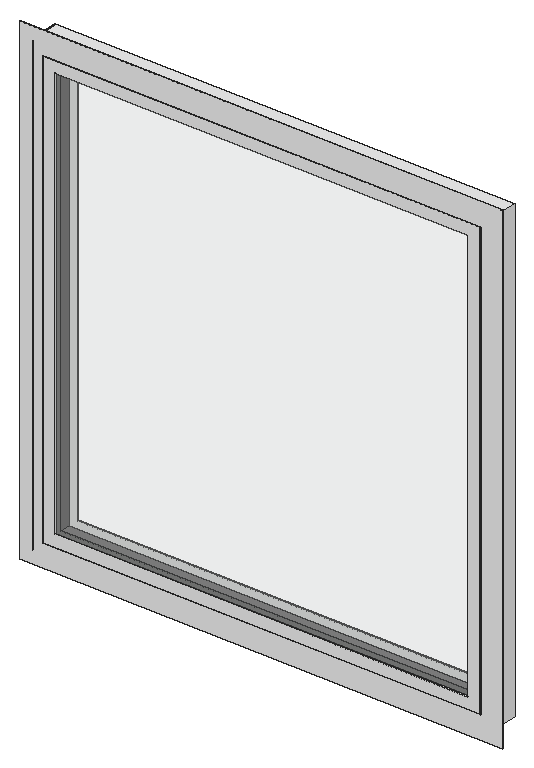
Revit family "Casement_30.5_F_Top_Hung_Custom", category Windows, host Wall, Revit 2014
Parameters (values of type "Casement_Sash_DG")
  Width Sash [instance] = 30 mm
  Width Sash Inner = 15 mm
  Width Bead = 15 mm
  Top Hung [instance] = yes
  Side Hung Right [instance] = yes
  Side Hung Left [instance] = yes
  Sash Opening Width [instance] = 600 mm
  Sash Opening Height [instance] = 600.312 mm
  Sash Lip = 15 mm
  Glazing Material [instance] = Glass
  DG Start Piece 2 [instance] = DG End Piece 1 + DG Gasket Thickness  # 25 mm
  DG Start Peice 1 [instance] = (Depth Sash - (2 * DG Glazing Thickness) - DG Gasket Thickness) / 2  # 6.6 mm
  Glazing Offset = 5 mm
  DG Glazing Thickness [instance] = 6.4 mm
  DG Gasket Thickness = 12 mm  # constant formula
  DG Gasket Material [instance] = Double Glazing Gasket Material
  DG End Piece 2 [instance] = DG Start Piece 2 + DG Glazing Thickness  # 31.4 mm
  DG End Piece 1 [instance] = DG Start Peice 1 + DG Glazing Thickness  # 13 mm
  Depth Sash [instance] = 38 mm
  Center Vertical Sash [instance] = Sash Opening Height / 2  # 300.156 mm
  Center Horizontal Sash [instance] = Sash Opening Width / 2  # 300 mm
  Bottom Hung [instance] = yes
  Bead Offset = 15 mm
  Aluminium Thickness = 1 mm
  Aluminium Material [instance] = White Powder Coated Aluminium
Reference planes
  plane 1 "Center (Front/Back)": y = 0
  plane 2: z = 0
  plane 3 "Center (Left/Right)": x = 0
Forms (mm)
  Sweep 1, solid, material "White Powder Coated Aluminium" <- "Aluminium Material"
    path origin (16.177, 0, 121.331) x (1, 0, 0) y (0, 0, 1)
      loop
        line (0, 0) -> (600, 0) -> (600, 600.312) -> (0, 600.312) -> (0, 0)
    profile origin (316.177, 0, 121.331) x (0, 0, 1) y (0, -1, 0)
      loop
        line (0, 0) -> (30, 0) -> (30, 1) -> (15, 1) -> (15, 38) -> (-15, 38) -> (-15, 37) -> (0, 37) -> (0, 0)
      loop
        line (14, 1) -> (14, 37) -> (1, 37) -> (1, 1) -> (14, 1)
  Sweep 2, solid, material "White Powder Coated Aluminium" <- "Aluminium Material"
    path origin (0, 0, 0) x (1, 0, 0) y (0, 0, 1)
      loop
        line (31.177, 706.643) -> (31.177, 136.331) -> (601.177, 136.331) -> (601.177, 706.643) -> (31.177, 706.643)
    profile origin (316.177, 0, 706.643) x (0, 0, 1) y (0, -1, 0)
      loop
        line (0, 37) -> (0, 38) -> (-15, 38) -> (-15, 37) -> (0, 37)
  Extrusion 3, solid, material "Glass" <- "Glazing Material"
    sketch origin (0, 0, 0) x (1, 0, 0) y (0, 0, 1)
      loop
        line (36.177, 701.643) -> (36.177, 141.331) -> (596.177, 141.331) -> (596.177, 701.643) -> (36.177, 701.643)
    from 6.6 <- "DG Start Peice 1" to 13 <- "DG End Piece 1"
  Extrusion 4, solid, material "Glass" <- "Glazing Material"
    sketch origin (0, 0, 0) x (1, 0, 0) y (0, 0, 1)
      loop
        line (36.177, 701.643) -> (36.177, 141.331) -> (596.177, 141.331) -> (596.177, 701.643) -> (36.177, 701.643)
    from 31.4 <- "DG End Piece 2" to 25 <- "DG Start Piece 2"
  Sweep 5, solid, material "Double Glazing Gasket Material" <- "DG Gasket Material"
    path origin (0, -13, 0) x (1, 0, 0) y (0, 0, 1)
      loop
        line (36.177, 701.643) -> (36.177, 141.331) -> (596.177, 141.331) -> (596.177, 701.643) -> (36.177, 701.643)
    profile origin (316.177, -13, 701.643) x (0, 0, 1) y (0, -1, 0)
      loop
        line (0, 0) -> (0, 12) -> (-7.96, 12) -> (-7.96, 0) -> (0, 0)
Lines and regions (mm)
  model lines
    curve 1: line (1.177, -38, 736.643) -> (31.177, -38, 706.643)
    curve 2: line (601.177, -38, 706.643) -> (631.177, -38, 736.643)
    curve 3: line (601.177, -38, 136.331) -> (631.177, -38, 106.331)
    curve 4: line (1.177, -38, 106.331) -> (31.177, -38, 136.331)
    curve 5: line (631.177, -37, 736.643) -> (616.177, -37, 721.643)
    curve 6: line (1.177, -37, 736.643) -> (16.177, -37, 721.643)
    curve 7: line (1.177, -37, 106.331) -> (16.177, -37, 121.331)
    curve 8: line (631.177, -37, 106.331) -> (616.177, -37, 121.331)
    curve 9: line (616.177, 0, 121.331) -> (586.177, 0, 151.331)
    curve 10: line (46.177, 0, 151.331) -> (16.177, 0, 121.331)
    curve 11: line (616.177, 0, 721.643) -> (586.177, 0, 691.643)
    curve 12: line (46.177, 0, 691.643) -> (16.177, 0, 721.643)
    curve 13: line (31.177, -38, 691.643) -> (46.177, -38, 691.643)
    curve 14: line (586.177, -38, 691.643) -> (601.177, -38, 691.643)
    curve 15: line (586.177, -38, 151.331) -> (601.177, -38, 151.331)
    curve 16: line (31.177, -38, 151.331) -> (46.177, -38, 151.331)
  model lines, style "GenericModelHiddenLines", visible <- "Top Hung"
    curve 17: line (46.386, -31.4, 690.914) -> (316.177, -31.4, 151.331)
    curve 18: line (316.177, -31.4, 151.331) -> (586.177, -31.4, 691.331)
  model lines, style "GenericModelHiddenLines", visible <- "Bottom Hung"
    curve 19: line (46.177, -31.4, 151.331) -> (316.177, -31.4, 691.331)
    curve 20: line (316.177, -31.4, 691.331) -> (586.177, -31.4, 151.331)
  model lines, style "GenericModelHiddenLines", visible <- "Side Hung Left"
    curve 21: line (46.386, -31.4, 690.914) -> (585.24, -31.4, 421.487)
    curve 22: line (585.24, -31.4, 421.487) -> (46.177, -31.4, 151.331)
  model lines, style "GenericModelHiddenLines", visible <- "Side Hung Right"
    curve 23: line (586.177, -31.4, 691.331) -> (46.177, -31.4, 421.487)
    curve 24: line (46.177, -31.4, 421.487) -> (586.177, -31.4, 151.331)
Dimensions and locks
  "Aluminium Thickness": Sweep 1 sketch curve to Sweep 1 sketch curve  (x4)
  "Depth Sash": Sweep 1 sketch curve to Sweep 1 sketch curve
  "Sash Opening Width": Sweep 1 to Sweep 1
  "Sash Opening Height": Sweep 1 to Sweep 1
  "Width Sash": Sweep 1 sketch curve to Sweep 1 sketch curve  (x2)
  "Width Sash Inner": Sweep 1 sketch curve to Sweep 1 sketch curve
  "Sash Lip": Sweep 1 sketch curve to Sweep 1 sketch curve
  "Aluminium Thickness": Sweep 1 to Sweep 2 sketch curve
  "Glazing Offset": Sweep 2 to Extrusion 3 sketch curve  (x3)
  "Glazing Offset": Extrusion 3 sketch curve to Sweep 2
  Sweep 1 to Sweep 1 = 1 mm
  "Aluminium Thickness": Sweep 2 sketch curve to Sweep 2 sketch curve
  "Width Bead": Sweep 2 sketch curve to Sweep 2 sketch curve
  locked: Sweep 5 sketch curve to Sweep 5 sketch curve at 7.96
  "Center Horizontal Sash": Sweep 1 to curve 18
  "Center Horizontal Sash": Sweep 1 to curve 20
  "Center Vertical Sash": Sweep 1 to curve 22
  "Center Vertical Sash": Sweep 1 to curve 24
  aligned and locked: level to plane 2
  aligned and locked: Sweep 1 sketch curve to Sweep 1 sketch curve  (x2)
  aligned and locked: Sweep 2 sketch curve to Sweep 1  (x5)
  aligned and locked: Extrusion 4 sketch curve to Extrusion 3  (x4)
  aligned and locked: Sweep 5 sketch curve to Extrusion 3  (x5)
  aligned and locked: Extrusion 3 to Sweep 5 sketch curve
Automatic sketch dimensions
  plane 3 "Center (Left/Right)" to Sweep 1 sketch curve = 16.177 mm
  level to Sweep 1 sketch curve = 121.331 mm
  plane 3 "Center (Left/Right)" to Sweep 1 sketch curve = 616.177 mm
  level to Sweep 1 sketch curve = 721.643 mm
  profile plane to Sweep 5 sketch curve = 12 mm
  curve 7 to Sweep 1 = 0 mm  (x4)
  curve 6 to Sweep 1 = 0 mm  (x3)
  Sweep 1 to curve 6 = 0 mm
  curve 5 to Sweep 1 = 0 mm  (x3)
  curve 8 to Sweep 1 = 0 mm  (x4)
  Sweep 1 to curve 5 = 0 mm
  curve 16 to Sweep 2 = 0 mm  (x3)
  curve 13 to Sweep 2 = 0 mm  (x3)
  curve 15 to Sweep 2 = 0 mm
  Sweep 2 to curve 15 = 0 mm  (x2)
  curve 14 to Sweep 2 = 0 mm  (x2)
  Sweep 2 to curve 14 = 0 mm
  curve 1 to Sweep 1 = 0 mm  (x4)
  curve 4 to Sweep 1 = 0 mm  (x3)
  Sweep 1 to curve 4 = 0 mm
  curve 3 to Sweep 1 = 0 mm  (x3)
  curve 2 to Sweep 1 = 0 mm  (x4)
  Sweep 1 to curve 3 = 0 mm
  curve 10 to Sweep 1 = 0 mm  (x4)
  curve 12 to Sweep 1 = 0 mm  (x3)
  Sweep 1 to curve 12 = 0 mm
  curve 9 to Sweep 1 = 0 mm  (x4)
  curve 11 to Sweep 1 = 0 mm  (x3)
  Sweep 1 to curve 11 = 0 mm
  Sweep 1 sketch curve to plane 1 "Center (Front/Back)" = 0 mm
  profile plane to Sweep 1 sketch curve = 0 mm
  curve 21 to Extrusion 4 = 10.208 mm
  curve 19 to Extrusion 4 = 10 mm
  curve 23 to Extrusion 4 = 10 mm  (x2)
  curve 22 to Extrusion 4 = 10.937 mm
  curve 20 to Extrusion 4 = 10 mm
  curve 24 to Extrusion 4 = 10 mm
  curve 22 to Extrusion 4 = 10 mm
  curve 18 to Extrusion 4 = 10 mm
  curve 21 to Extrusion 4 = 10.729 mm
  curve 19 to Extrusion 4 = 10.312 mm
  curve 18 to Extrusion 4 = 10.312 mm
